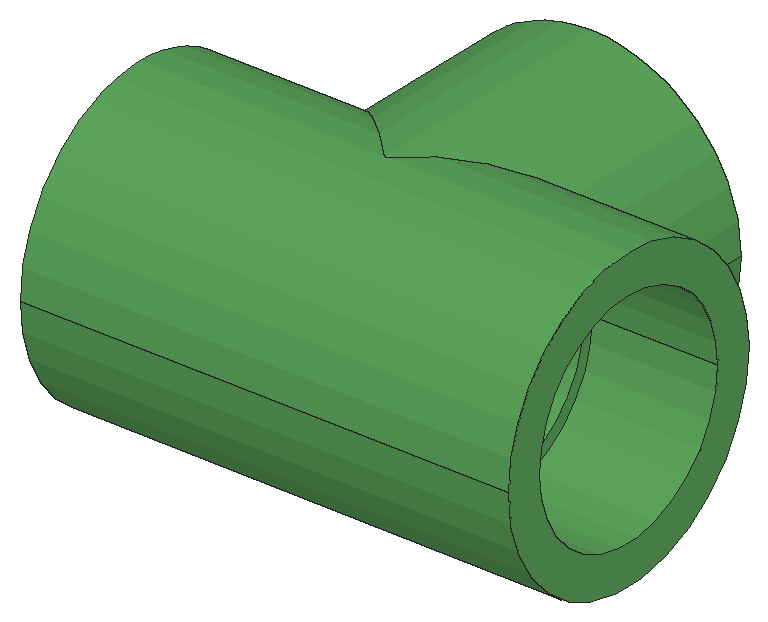
Revit family "Aquatherm_Т-образный переходник с внутренней резьбой", category Соединительные детали трубопроводов, Revit 2019
Family settings
  Размер круглого соединителя = Использовать диаметр
  Тип детали = Тройник
  На основе рабочей плоскости = Нет
  Всегда вертикально = Да
  При загрузке вырезать с полостями = Нет
  Общий = Нет
Parameters (values of type "SDR 9")
  Нержавеющая сталь [instance] = not(Латунь)  # no
  Материал_Корпус_2 = AquaTherm латунь pipe
  Материал_Корпус = AquaTherm green pipe
  Латунь [instance] = yes
  z2 [instance] = size_lookup("Т-образный переходник с внутренней резьбой", "z2", 18 mm, d, R, lt)  # 24 mm
  z1 [instance] = z2 / 2  # 12 mm
  z [instance] = size_lookup("Т-образный переходник с внутренней резьбой", "z", 18 mm, d, R, lt)  # 17 mm
  lt [instance] = if(Латунь, 1 mm, 0 mm)  # 1 mm
  l1 [instance] = size_lookup("Т-образный переходник с внутренней резьбой", "l1", 18 mm, d, R, lt)  # 37 mm
  d1 [instance] = d - 3 mm  # 29 mm
  URL = "www.agpipe.ru"
  d [instance] = 32 mm
  SDR = 9 mm
  R2 [instance] = R + 2 mm  # 17 mm
  R1 [instance] = R - 2 mm  # 13 mm
  R [instance] = 15 mm
  l [instance] = size_lookup("Т-образный переходник с внутренней резьбой", "l", 18 mm, d, R, lt)  # 35 mm
  D1 [instance] = size_lookup("Т-образный переходник с внутренней резьбой", "D1", 18 mm, d, R, lt)  # 37 mm
  D [instance] = size_lookup("Т-образный переходник с внутренней резьбой", "D", 18 mm, d, R, lt)  # 43 mm
  ADSK_Примечание = ""
  ADSK_Позиция [instance] = ""
  ADSK_Обозначение = ""
  ADSK_Наименование [instance] = size_lookup("Т-образный переходник с внутренней резьбой", "ADSK_Наименование", "Нет в каталоге", d, R, lt)  # "Т-образный переходник с внутренней резьбой DN32x1''"
  ADSK_Масса_Текст [instance] = size_lookup("Т-образный переходник с внутренней резьбой", "ADSK_Масса_Текст", "Нет в каталоге", d, R, lt)  # "0.103"
  ADSK_Код изделия [instance] = size_lookup("Т-образный переходник с внутренней резьбой", "ADSK_Код изделия", "Нет в каталоге", d, R, lt)  # "25013"
  ADSK_Завод-изготовитель = "Aquatherm"  # constant formula
  ADSK_Единица измерения = "шт."  # constant formula
Types (5, lengths in mm): name | SDR
  (no name) | 9
  SDR 6 | 6
  SDR 7.4 | 7.4
  SDR 9 | 9
  SDR 11 | 11
Reference planes
  plane 1 "По центру (Вперед/Назад)": y = 0
  plane 2: z = 0
  plane 3 "По центру (Влево/Вправо)": x = 0
  plane 4: x = 17
  plane 5: x = 35
  plane 6: x = -17
  plane 7: x = -35
  plane 8: y = 37
  plane 9: y = 24
Forms (mm)
  Extrusion 1, solid, material "AquaTherm green pipe" <- "Материал_Корпус"
    sketch origin (0, 0, 0) x (0, 1, 0) y (0, 0, 1)
      loop
        circle (0, 0) r 21.5
    from -35 to 35
  Extrusion 2, solid, material "AquaTherm green pipe" <- "Материал_Корпус"
    sketch origin (0, 0, 0) x (1, 0, 0) y (0, 0, 1)
      loop
        circle (0, 0) r 21.5
    from -37 to 0
  Extrusion 3, solid, material "AquaTherm латунь pipe" <- "Материал_Корпус_2"
    sketch origin (0, 0, 0) x (1, 0, 0) y (0, 0, 1)
      loop
        circle (0, 0) r 8.5
      loop
        circle (0, 0) r 7.5
    from -24 to -37
  Extrusion 4, void
    sketch origin (0, 0, 0) x (1, 0, 0) y (0, 0, 1)
      loop
        circle (0, 0) r 8.5
    from -37 to -24
  Extrusion 5, void
    sketch origin (0, 0, 0) x (0, 1, 0) y (0, 0, 1)
      loop
        circle (0, 0) r 16
    from 17 to 35
  Extrusion 6, void
    sketch origin (0, 0, 0) x (0, 1, 0) y (0, 0, 1)
      loop
        circle (0, 0) r 16
    from -35 to -17
  Extrusion 7, void
    sketch origin (0, 0, 0) x (0, 1, 0) y (0, 0, 1)
      loop
        circle (0, 0) r 14.5
    from -17 to 17
  Extrusion 8, void
    sketch origin (0, 0, 0) x (1, 0, 0) y (0, 0, 1)
      loop
        circle (0, 0) r 6.5
    from 0 to -24
Cuts and joins
  Extrusion 4, Extrusion 5, Extrusion 6, Extrusion 7, Extrusion 8 cuts Extrusion 1
  Extrusion 4, Extrusion 5, Extrusion 6, Extrusion 7, Extrusion 8 cuts Extrusion 2
  joined: Extrusion 1, Extrusion 2
  Extrusion 5, Extrusion 6, Extrusion 7, Extrusion 8 cuts Extrusion 3
Lines and regions (mm)
  reference lines
    curve 1: line (-17, 0, 0) -> (17, 0, 0)
    curve 2: line (0, 0, 0) -> (0, 24, 0)
Dimensions and locks
  "z": plane 3 "По центру (Влево/Вправо)" to plane 4
  "z": plane 6 to plane 3 "По центру (Влево/Вправо)"
  "l": plane 3 "По центру (Влево/Вправо)" to plane 5
  "l": plane 7 to plane 3 "По центру (Влево/Вправо)"
  "l1": plane 1 "По центру (Вперед/Назад)" to plane 8
  "z2": plane 1 "По центру (Вперед/Назад)" to plane 9
  "D": diameter of Extrusion 1 sketch curve
  "D": diameter of Extrusion 2 sketch curve
  "R2": diameter of Extrusion 3 sketch curve
  "R2": diameter of Extrusion 4 sketch curve
  "d": diameter of Extrusion 5 sketch curve
  "d": diameter of Extrusion 6 sketch curve
  "d1": diameter of Extrusion 7 sketch curve
  "R1": diameter of Extrusion 8 sketch curve
  "R": diameter of Extrusion 3 sketch curve
  aligned and locked: level to plane 2
  aligned and locked: plane 7 to Extrusion 1
  aligned and locked: plane 5 to Extrusion 1
  aligned and locked: plane 1 "По центру (Вперед/Назад)" to Extrusion 2
  aligned and locked: Extrusion 3 to cut or joined group of Extrusion 1, Extrusion 2, Extrusion 4, Extrusion 5, Extrusion 6, Extrusion 7, Extrusion 8
  aligned and locked: Extrusion 4 to plane 9
  aligned and locked: plane 7 to Extrusion 6
  aligned and locked: Extrusion 6 to plane 6
  aligned and locked: plane 5 to Extrusion 5
  aligned and locked: Extrusion 5 to plane 4
  aligned and locked: plane 6 to Extrusion 7
  aligned and locked: plane 4 to Extrusion 7
  aligned and locked: plane 1 "По центру (Вперед/Назад)" to Extrusion 8
  aligned and locked: plane 9 to Extrusion 8
  aligned and locked: plane 6 to curve 1
  aligned and locked: plane 4 to curve 1
  aligned and locked: plane 9 to curve 2
  aligned and locked: plane 8 to cut or joined group of Extrusion 1, Extrusion 2, Extrusion 4, Extrusion 5, Extrusion 6, Extrusion 7, Extrusion 8
  aligned and locked: Extrusion 2 to Extrusion 4
  aligned and locked: Extrusion 3 to plane 9
Automatic sketch dimensions
  plane 1 "По центру (Вперед/Назад)" to curve 1 = 0 mm
  plane 3 "По центру (Влево/Вправо)" to curve 2 = 0 mm
  Extrusion 1 sketch curve to level = 0 mm
  Extrusion 1 sketch curve to plane 1 "По центру (Вперед/Назад)" = 0 mm
  Extrusion 2 sketch curve to level = 0 mm
  Extrusion 2 sketch curve to plane 3 "По центру (Влево/Вправо)" = 0 mm
  Extrusion 3 sketch curve to Extrusion 3 sketch curve = 0 mm  (x2)
  Extrusion 3 sketch curve to level = 0 mm
  Extrusion 3 sketch curve to plane 3 "По центру (Влево/Вправо)" = 0 mm
  Extrusion 4 sketch curve to level = 0 mm
  Extrusion 4 sketch curve to plane 3 "По центру (Влево/Вправо)" = 0 mm
  Extrusion 5 sketch curve to level = 0 mm
  Extrusion 5 sketch curve to plane 1 "По центру (Вперед/Назад)" = 0 mm
  Extrusion 6 sketch curve to level = 0 mm
  Extrusion 6 sketch curve to plane 1 "По центру (Вперед/Назад)" = 0 mm
  Extrusion 7 sketch curve to level = 0 mm
  Extrusion 7 sketch curve to plane 1 "По центру (Вперед/Назад)" = 0 mm
  Extrusion 8 sketch curve to level = 0 mm
  Extrusion 8 sketch curve to plane 3 "По центру (Влево/Вправо)" = 0 mm
Connectors
  piping at (-17, 0, 0), diameter 32, driven by "d"
    settings: on curve 1, index 1, connector inside diameter 609.6 mm, connector length 0 mm, flow factor 0, pipe flow 0.0 L/s, pressure drop 0.0 Pa, fitting loss kfactor 0, connector angle 0.00°, fixture units 0, engagement length 0 mm, angle of deflection 0.00°, flow configuration 0, flow direction 0, fitting loss method 0, system type 28, joint type 0, gender type 0, connector reference index 2, connector utility 0, adjustable connector no, is connector primary yes, connector description ""
  piping at (17, 0, 0), diameter 32, driven by "d"
    settings: on curve 1, index 2, connector inside diameter 609.6 mm, connector length 0 mm, flow factor 0, pipe flow 0.0 L/s, pressure drop 0.0 Pa, fitting loss kfactor 0, connector angle 0.00°, fixture units 0, engagement length 0 mm, angle of deflection 0.00°, flow configuration 0, flow direction 0, fitting loss method 0, system type 28, joint type 0, gender type 0, connector reference index 1, connector utility 0, adjustable connector no, is connector primary no, connector description ""
  piping at (0, 24, 0), diameter 15, driven by "R"
    settings: on curve 2, index 3, connector inside diameter 609.6 mm, connector length 0 mm, flow factor 0, pipe flow 0.0 L/s, pressure drop 0.0 Pa, fitting loss kfactor 0, connector angle 0.00°, fixture units 0, engagement length 0 mm, angle of deflection 0.00°, flow configuration 0, flow direction 0, fitting loss method 0, system type 28, joint type 0, gender type 0, connector reference index -1, connector utility 0, adjustable connector no, is connector primary no, connector description ""
